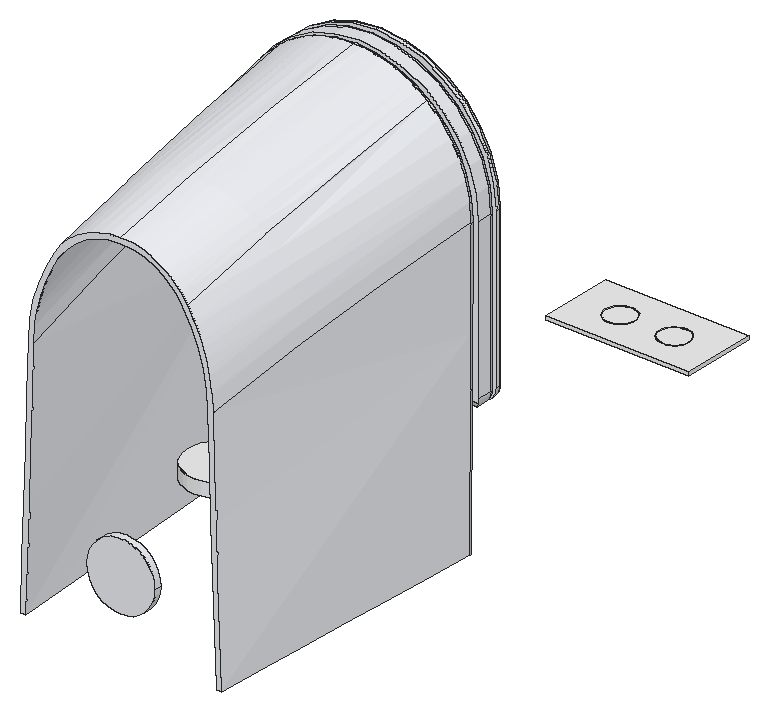
Revit family "WC-Wall Faced-Caroma Liano Easy Height Invisi Suite1", category Plumbing Fixtures, host Face, Revit 2012
Parameters (values of type "Liano")
  Waste Connection = yes
  WFU = 3
  WELSRating_ANZRS = "4"
  Material_ANZRS = Porcelain-White-Caroma
  Keynote = "WC"
  Hardware = Metal-Chrome-Caroma
  Vent Connection = no
  URL = "www.caroma.com.au"
  Type Comments = "Liano Easy Height 4.5/3 Smartflush Toilet Suite with Back Inlet Pan, Internal Overflow Cistern and Seat"  # constant formula
  Model = ""
  Manufacturer = "Caroma"  # constant formula
  HW Connection = no
  Description = "Liano Easy Height Vitreous China Wall Faced Pan and Invisi II Smartflush Cistern"  # constant formula
  Default Elevation = 0 mm
  CreatedBy_ANZRS = "Design Content"  # constant formula
  CreatedByURL_ANZRS = "www.designcontent.com.au"
  CWFU = 2
  CW Connection = yes
  Assembly Code = "D2010110"
Reference planes
  plane 1 "Center (Elevation)": y = 0
  plane 2 "Back": z = 0
  plane 3 "Center (Left/Right)": x = 0
  plane 4 "Left": x = -177.5
  plane 5 "Right": x = 177.5
  plane 6 "Top": y = 512.5
  plane 7 "Bottom": y = -512.5
  plane 8: y = 402.5
  plane 9: x = -105
  plane 10: x = 105
  plane 11: y = 457.5
  plane 12: y = -327.5
  plane 13: z = -90
  plane 14 "Seat": y = -77.5
  plane 15: z = 100
  plane 16 "Front": z = 616.577
  plane 17: y = -118.5
  plane 18: z = 150
Forms (mm)
  Extrusion 1, solid, material "Metal-Chrome-Caroma" <- "Hardware", detail levels medium+fine
    sketch origin (0, 0, 0) x (1, 0, 0) y (0, 1, 0)
      loop
        line (-105, 512.5) -> (-105, 402.5) -> (105, 402.5) -> (105, 512.5) -> (-105, 512.5)
      loop
        circle (-40, 457.5) r 22.5
      loop
        circle (40, 457.5) r 22.5
    from 0 to 5
  Extrusion 2, solid, material "Metal-Chrome-Caroma" <- "Hardware", detail levels medium+fine
    sketch origin (0, 106.904, 0) x (1, 0, 0) y (0, 1, 0)
      loop
        circle (-40, 350.596) r 21
      loop
        circle (40, 350.596) r 21
    from 0 to 5
  Extrusion 3, void
    sketch origin (0, 24, 0) x (1, 0, 0) y (0, 1, 0)
      loop
        circle (0, -142.5) r 25
    from -90 to 0
  Extrusion 4, solid, material "Metal-Chrome-Caroma" <- "Hardware"
    sketch origin (0, 0, 0) x (1, 0, 0) y (0, 1, 0)
      loop
        circle (0, -327.5) r 50
    from 150 to 170
  Extrusion 5, solid, material "Metal-Chrome-Caroma" <- "Hardware"
    sketch origin (-285, 24, 0) x (1, 0, 0) y (0, 1, 0)
      loop
        circle (285, -142.5) r 20
    from 0 to 20
  Extrusion 6, solid, material "Porcelain-White-Caroma"
    sketch origin (0, -512.5, 0) x (-1, 0, 0) y (0, 0, -1)
      loop
        circle (0, -100) r 50
    from 0 to -10
  Extrusion 7, void
    sketch origin (0, -512.5, 0) x (-1, 0, 0) y (0, 0, -1)
      loop
        circle (0, -100) r 50
    from 0 to 200
  SweptBlend 8, solid, material "Porcelain-White-Caroma" <- "Material_ANZRS"
    path origin (0, 0, 0) x (0, 1, 0) y (0, 0, 1)
      loop
        arc (-82.146, 615.501) -> (-382.421, 574.644) -> (-678.955, 512.179) r 4187.755
    profile origin (0, -82.146, 615.501) x (0, 0.098884, -0.995099) y (1, 0, 0)
      loop
        line (643.26, -174.867) -> (643.26, -166.867) -> (174.51, -166.867)
        arc (174.51, -166.867) -> (101.607, -150.1) -> (43.356, -103.167) r 166.867
        arc (43.356, -103.167) -> (16.823, -54.587) -> (7.642, 0) r 166.867
        arc (7.642, 0) -> (16.823, 54.587) -> (43.356, 103.167) r 166.867
        arc (43.356, 103.167) -> (101.607, 150.1) -> (174.51, 166.867) r 166.867
        line (174.51, 166.867) -> (643.26, 166.867) -> (643.26, 174.867) -> (174.51, 174.867)
        arc (174.51, 174.867) -> (98.112, 157.296) -> (37.068, 108.113) r 174.867
        arc (37.068, 108.113) -> (9.263, 57.204) -> (-0.358, 0) r 174.867
        arc (-0.358, 0) -> (9.263, -57.204) -> (37.068, -108.113) r 174.867
        arc (37.068, -108.113) -> (98.112, -157.296) -> (174.51, -174.867) r 174.867
        line (174.51, -174.867) -> (643.26, -174.867)
    end profile origin (0, -678.955, 512.179) x (0, 0.241397, -0.970426) y (1, 0, 0)
      loop
        line (543.763, -147.349) -> (544.237, -139.364) -> (184.383, -117.999)
        arc (184.383, -117.999) -> (123.846, -108.428) -> (66.311, -87.31) r 314.825
        arc (66.311, -87.31) -> (26.324, -51.55) -> (11.479, 0) r 96.929
        arc (11.479, 0) -> (26.324, 51.55) -> (66.311, 87.31) r 96.929
        arc (66.311, 87.31) -> (123.846, 108.428) -> (184.383, 117.999) r 314.825
        line (184.383, 117.999) -> (544.237, 139.364) -> (543.763, 147.349) -> (183.909, 125.985)
        arc (183.909, 125.985) -> (121.834, 116.171) -> (62.837, 94.516) r 322.825
        arc (62.837, 94.516) -> (19.549, 55.805) -> (3.479, 0) r 104.929
        arc (3.479, 0) -> (19.549, -55.805) -> (62.837, -94.516) r 104.929
        arc (62.837, -94.516) -> (121.834, -116.171) -> (183.909, -125.985) r 322.825
        line (183.909, -125.985) -> (543.763, -147.349)
  Extrusion 9, void
    sketch origin (0, 0, 0) x (0, 1, 0) y (0, 0, 1)
      loop
        line (-512.5, 616.577) -> (-737.5, 616.577) -> (-737.5, -90) -> (102.5, -90) -> (102.5, 660) -> (-83.5, 660) -> (-83.5, 0) -> (-512.5, 0) -> (-512.5, 616.577)
    from -250 to 250
  Sweep 10, solid, material "Porcelain-White-Caroma" <- "Material_ANZRS"
    path origin (0, -77.5, 0) x (-1, 0, 0) y (0, 0, 1)
      loop
        arc (-173.255, 439.649) -> (-157.693, 513.735) -> (-112.318, 574.333) r 175.136
        arc (-112.318, 574.333) -> (-59.858, 605.064) -> (0, 615.712) r 172.718
        arc (0, 615.712) -> (59.858, 605.064) -> (112.318, 574.333) r 172.718
        arc (112.318, 574.333) -> (157.693, 513.735) -> (173.255, 439.649) r 175.136
    profile origin (0, -77.5, 615.712) x (-0.000867, 0, 1) y (0, 1, 0)
      loop
        arc (0.005, -6) -> (-1.752, -1.757) -> (-5.995, 0) r 6
        line (-5.995, 0) -> (-9.995, 0) -> (-9.995, -6) -> (0.005, -6)
  Sweep 11, solid, material "Porcelain-White-Caroma" <- "Material_ANZRS"
    path origin (0, -77.5, 0) x (-1, 0, 0) y (0, 0, 1)
      loop
        spline (-171.45, 0) -> (-171.488, 36.624) -> (-171.548, 73.256) -> (-171.631, 109.893) -> (-171.736, 146.533) -> (-171.863, 183.173) -> (-172.011, 219.812) -> (-172.178, 256.452) -> (-172.365, 293.092) -> (-172.57, 329.731) -> (-172.793, 366.371) -> (-173.033, 403.01) -> (-173.291, 439.649)
    profile origin (173.291, -77.5, 439.649) x (0.999974, 0, -0.007262) y (0, 1, 0)
      loop
        arc (0.005, -6) -> (-1.752, -1.757) -> (-5.995, 0) r 6
        line (-5.995, 0) -> (-9.995, 0) -> (-9.995, -6) -> (0.005, -6)
  Sweep 12, solid, material "Porcelain-White-Caroma" <- "Material_ANZRS"
    path origin (0, -77.5, 0) x (1, 0, 0) y (0, 0, 1)
      loop
        spline (-171.45, 0) -> (-171.488, 36.624) -> (-171.548, 73.256) -> (-171.631, 109.893) -> (-171.736, 146.533) -> (-171.863, 183.173) -> (-172.011, 219.812) -> (-172.178, 256.452) -> (-172.365, 293.092) -> (-172.57, 329.731) -> (-172.793, 366.371) -> (-173.033, 403.01) -> (-173.291, 439.649)
    profile origin (-173.291, -77.5, 439.649) x (0.999974, 0, 0.007262) y (0, 1, 0)
      loop
        line (-0.005, -6) -> (9.995, -6) -> (9.995, 0) -> (5.995, 0)
        arc (5.995, 0) -> (1.752, -1.757) -> (-0.005, -6) r 6
  Extrusion 13, solid, material "Porcelain-White-Caroma" <- "Material_ANZRS"
    sketch origin (0, -77.5, 0) x (-1, 0, 0) y (0, 0, 1)
      loop
        spline (-163.26, 439.757) -> (-163.006, 403.111) -> (-162.768, 366.464) -> (-162.548, 329.818) -> (-162.346, 293.171) -> (-162.162, 256.523) -> (-161.998, 219.873) -> (-161.854, 183.223) -> (-161.73, 146.573) -> (-161.628, 109.925) -> (-161.548, 73.28) -> (-161.49, 36.64) -> (-161.456, 0.007)
        line (-161.456, 0.007) -> (161.456, 0.007)
        spline (161.456, 0.007) -> (161.49, 36.64) -> (161.548, 73.28) -> (161.628, 109.925) -> (161.73, 146.573) -> (161.854, 183.223) -> (161.998, 219.873) -> (162.162, 256.523) -> (162.346, 293.171) -> (162.548, 329.818) -> (162.768, 366.464) -> (163.006, 403.111) -> (163.26, 439.757)
        arc (163.26, 439.757) -> (148.59, 509.608) -> (105.814, 566.744) r 165.141
        arc (105.814, 566.744) -> (56.391, 595.69) -> (0, 605.718) r 162.723
        arc (0, 605.718) -> (-56.391, 595.689) -> (-105.814, 566.744) r 162.723
        arc (-105.814, 566.744) -> (-148.59, 509.608) -> (-163.26, 439.757) r 165.141
    from -8 to 0
  Sweep 14, solid, material "Porcelain-White-Caroma" <- "Material_ANZRS"
    path origin (0, -77.5, 0) x (-1, 0, 0) y (0, 0, 1)
      loop
        line (177.5, 204.06) -> (177.5, 438.525)
        arc (177.5, 438.525) -> (0, 616.025) -> (-177.5, 438.525) r 177.5
        line (-177.5, 438.525) -> (-177.5, 204.06)
        arc (-177.5, 204.06) -> (-171.642, 189.918) -> (-157.5, 184.06) r 20
        line (-157.5, 184.06) -> (157.5, 184.06)
        arc (157.5, 184.06) -> (171.642, 189.918) -> (177.5, 204.06) r 20
    profile origin (0, -77.5, 616.025) x (0, 0, 1) y (0, 1, 0)
      loop
        line (0, 3.162) -> (-0.583, 25.43)
        arc (-0.583, 25.43) -> (-2.092, 28.88) -> (-5.581, 30.299) r 5
        line (-5.581, 30.299) -> (-15, 30.299) -> (-15, 3.162) -> (0, 3.162)
  Sweep 15, solid, material "Porcelain-White-Caroma" <- "Material_ANZRS"
    path origin (0, -77.5, 0) x (-1, 0, 0) y (0, 0, 1)
      loop
        line (177, 204.06) -> (177, 438.314)
        arc (177, 438.314) -> (0, 615.314) -> (-177, 438.314) r 177
        line (-177, 438.314) -> (-177, 204.06)
        arc (-177, 204.06) -> (-171.142, 189.918) -> (-157, 184.06) r 20
        line (-157, 184.06) -> (157, 184.06)
        arc (157, 184.06) -> (171.142, 189.918) -> (177, 204.06) r 20
    profile origin (0, -77.5, 615.314) x (0, 0, 1) y (0, 1, 0)
      loop
        line (0, 35.812) -> (-0.302, 41.574)
        arc (-0.302, 41.574) -> (-1.853, 44.939) -> (-5.295, 46.312) r 5
        line (-5.295, 46.312) -> (-15, 46.312) -> (-15, 35.812) -> (0, 35.812)
  Extrusion 16, solid, material "Porcelain-White-Caroma" <- "Material_ANZRS"
    sketch origin (0, -77.5, 0) x (-1, 0, 0) y (0, 0, 1)
      loop
        line (-162, 438.314) -> (-162, 204.06)
        arc (-162, 204.06) -> (-160.536, 200.524) -> (-157, 199.06) r 5
        line (-157, 199.06) -> (157, 199.06)
        arc (157, 199.06) -> (160.536, 200.524) -> (162, 204.06) r 5
        line (162, 204.06) -> (162, 438.314)
        arc (162, 438.314) -> (0, 600.314) -> (-162, 438.314) r 162
    from 35.812 to 46.312
  Extrusion 17, solid, material "Porcelain-White-Caroma" <- "Material_ANZRS"
    sketch origin (0, 0, 0) x (0, 1, 0) y (0, 0, 1)
      loop
        circle (-54.164, 189.32) r 14.5
      loop
        circle (-54.164, 189.32) r 7.5
    from -119.55 to -105
  Extrusion 18, solid, material "Porcelain-White-Caroma" <- "Material_ANZRS"
    sketch origin (0, 0, 0) x (0, 1, 0) y (0, 0, 1)
      loop
        circle (-54.164, 189.32) r 14.5
      loop
        circle (-54.164, 189.32) r 7.5
    from -134.98 to -119.895
  Revolve 19, solid, material "Porcelain-White-Caroma" <- "Material_ANZRS"
    sketch origin (0, -54.164, 0) x (-1, 0, 0) y (0, 0, 1)
      loop
        arc (134.98, 174.82) -> (142.021, 177.737) -> (144.938, 184.779) r 9.959
        line (144.938, 184.779) -> (144.938, 189.32) -> (134.98, 189.32) -> (134.98, 174.82)
      axis (134.98, 189.32) -> (144.938, 189.32)
    angle from 0 to 360
  Extrusion 20, solid, material "Porcelain-White-Caroma" <- "Material_ANZRS"
    sketch origin (0, 0, 0) x (0, 1, 0) y (0, 0, -1)
      loop
        circle (-54.164, -189.32) r 14.5
      loop
        circle (-54.164, -189.32) r 7.5
    from -119.55 to -105
  Extrusion 21, solid, material "Porcelain-White-Caroma" <- "Material_ANZRS"
    sketch origin (0, 0, 0) x (0, 1, 0) y (0, 0, -1)
      loop
        circle (-54.164, -189.32) r 14.5
      loop
        circle (-54.164, -189.32) r 7.5
    from -134.98 to -119.895
  Revolve 22, solid, material "Porcelain-White-Caroma" <- "Material_ANZRS"
    sketch origin (0, -54.164, 0) x (1, 0, 0) y (0, 0, -1)
      loop
        line (134.98, -174.82) -> (134.98, -189.32) -> (144.938, -189.32) -> (144.938, -184.779)
        arc (144.938, -184.779) -> (142.021, -177.737) -> (134.98, -174.82) r 9.959
      axis (134.98, -189.32) -> (144.938, -189.32)
    angle from 0 to 360
  Extrusion 23, void
    sketch origin (0, 0, 0) x (0, 1, 0) y (0, 0, 1)
      loop
        arc (-55.707, 183.925) -> (-69.55, 189.659) -> (-75.284, 203.501) r 19.577
        line (-75.284, 203.501) -> (-77.5, 203.501) -> (-77.5, 177.458) -> (-30.707, 177.458) -> (-30.707, 183.925) -> (-55.707, 183.925)
    from -250 to 250
Cuts and joins
  Extrusion 9 cuts SweptBlend 8
  joined: Sweep 15, Extrusion 16
  Extrusion 23 cuts Sweep 14
  joined: Sweep 14, Extrusion 17, Extrusion 18, Revolve 19, Extrusion 20, Extrusion 21, Revolve 22
Lines and regions (mm)
  Masking region 1
    outline origin (0, 0, 0) x (0, 1, 0) y (0, 0, 1)
      loop
        line (512.5, 5) -> (402.5, 5) -> (402.5, 0) -> (512.5, 0) -> (512.5, 5)
      loop
        line (-512.5, 0.007) -> (-77.5, 0.007) -> (-77.5, 265.636) -> (-74.831, 264.92) -> (-74.831, 202.632)
        arc (-74.831, 202.632) -> (-74.708, 200.248) -> (-73.925, 197.993) r 8.477
        arc (-73.925, 197.993) -> (-72.115, 194.792) -> (-70.06, 191.744) r 46.766
        arc (-70.06, 191.744) -> (-68.992, 189.727) -> (-68.547, 187.488) r 7.867
        arc (-68.547, 187.488) -> (-67.145, 182.414) -> (-63.721, 178.416) r 12.099
        arc (-63.721, 178.416) -> (-53.867, 175.247) -> (-44.156, 178.828) r 15.871
        arc (-44.156, 178.828) -> (-42.809, 180.185) -> (-41.772, 181.791) r 9.212
        arc (-41.772, 181.791) -> (-40.305, 183.424) -> (-38.217, 184.103) r 4.235
        line (-38.217, 184.103) -> (-34.028, 184.323)
        arc (-34.028, 184.323) -> (-32.02, 185.062) -> (-31.176, 187.028) r 2.709
        line (-31.176, 187.028) -> (-31.176, 453.537) -> (-31.372, 514.847) -> (-34.051, 612.669)
        arc (-34.051, 612.669) -> (-34.779, 614.308) -> (-36.417, 615.038) r 2.5
        line (-36.417, 615.038) -> (-41.688, 615.314) -> (-41.688, 484.125) -> (-47.194, 481.978) -> (-47.194, 610.093)
        arc (-47.194, 610.093) -> (-48.487, 613.805) -> (-52.062, 615.442) r 5.011
        line (-52.062, 615.442) -> (-74.338, 616.025) -> (-74.338, 601.026) -> (-77.5, 601.026) -> (-77.5, 610.514)
        arc (-77.5, 610.514) -> (-79.369, 614.418) -> (-83.5, 615.712) r 5.425
        arc (-83.5, 615.712) -> (-298.743, 587.705) -> (-512.5, 550) r 4802.796
        line (-512.5, 550) -> (-512.5, 0.007)
      loop
        line (-41.688, 205.224) -> (-41.688, 464.315) -> (-47.201, 466.886) -> (-47.201, 210.582)
        arc (-47.201, 210.582) -> (-46.929, 206.487) -> (-46.117, 202.463) r 30.954
        line (-46.117, 202.463) -> (-41.688, 205.224)
  Masking region 2
    outline origin (0, 0, 0) x (1, 0, 0) y (0, 1, 0)
      loop
        line (-105, 512.5) -> (-105, 402.5) -> (105, 402.5) -> (105, 512.5) -> (-105, 512.5)
  Masking region 3
    outline origin (0, -77.5, 0) x (-1, 0, 0) y (0, 0, 1)
      loop
        line (-174.959, 0) -> (174.959, 0) -> (174.959, 194.218)
        arc (174.959, 194.218) -> (177.006, 199.083) -> (177.704, 204.314) r 19.937
        line (177.704, 204.314) -> (177.704, 438.556)
        arc (177.704, 438.556) -> (0, 616.26) -> (-177.704, 438.556) r 177.704
        line (-177.704, 438.556) -> (-177.704, 204.314)
        arc (-177.704, 204.314) -> (-177.006, 199.083) -> (-174.959, 194.218) r 19.937
        line (-174.959, 194.218) -> (-174.959, 0)
  Masking region 4
    outline origin (0, 0, 0) x (1, 0, 0) y (0, 1, 0)
      loop
        line (-147, -512.5) -> (147, -512.5) -> (161.012, -297.5)
        arc (161.012, -297.5) -> (169.245, -190.576) -> (175.184, -83.5) r 5002.758
        arc (175.184, -83.5) -> (173.541, -79.215) -> (169.284, -77.5) r 5.746
        line (169.284, -77.5) -> (151.611, -77.5) -> (151.611, -74.338) -> (177.754, -74.338) -> (177.128, -52.047)
        arc (177.128, -52.047) -> (175.574, -48.564) -> (172.015, -47.191) r 4.998
        line (172.015, -47.191) -> (122.44, -47.191) -> (125.158, -41.688) -> (177, -41.688) -> (176.724, -36.415)
        arc (176.724, -36.415) -> (175.994, -34.777) -> (174.356, -34.049) r 2.5
        arc (174.356, -34.049) -> (0, -31.168) -> (-174.356, -34.049) r 5276.973
        arc (-174.356, -34.049) -> (-175.994, -34.777) -> (-176.724, -36.415) r 2.5
        line (-176.724, -36.415) -> (-177, -41.688) -> (-125.158, -41.688) -> (-122.44, -47.191) -> (-172.015, -47.191)
        arc (-172.015, -47.191) -> (-175.574, -48.564) -> (-177.128, -52.047) r 4.998
        line (-177.128, -52.047) -> (-177.754, -74.338) -> (-151.611, -74.338) -> (-151.611, -77.5) -> (-169.284, -77.5)
        arc (-169.284, -77.5) -> (-173.541, -79.215) -> (-175.184, -83.5) r 5.746
        arc (-175.184, -83.5) -> (-169.245, -190.576) -> (-161.012, -297.5) r 5002.758
        line (-161.012, -297.5) -> (-147, -512.5)
      loop
        line (-107.676, -47.201) -> (0, -47.201) -> (107.676, -47.201) -> (105.527, -41.688) -> (0, -41.688) -> (-105.527, -41.688) -> (-107.676, -47.201)
  symbolic lines
    curve 1: line (103.263, 0, 328.457) -> (103.263, 0, 443.208)
    curve 2: line (-103.259, 0, 328.204) -> (-103.263, 0, 443.204)
    curve 3: arc (103.263, 0, 443.208) -> (-0.002, 0, 546.471) -> (-103.263, 0, 443.204) r 103.263
    curve 4: spline (103.263, 0, 328.457) -> (99.752, 0, 310.36) -> (89.46, 0, 293.494) -> (73.084, 0, 279.004) -> (51.74, 0, 267.878) -> (26.878, 0, 260.87) -> (0.188, 0, 258.457) -> (-26.514, 0, 260.804) -> (-51.413, 0, 267.751) -> (-72.817, 0, 278.826) -> (-89.269, 0, 293.275) -> (-99.652, 0, 310.116) -> (-103.259, 0, 328.204)
    curve 5: arc (-19, 457.5, 0) -> (-40, 478.5, 0) -> (-61, 457.5, 0) r 21
    curve 6: arc (-61, 457.5, 0) -> (-40, 436.5, 0) -> (-19, 457.5, 0) r 21
    curve 7: arc (-17.5, 457.5, 0) -> (-40, 435, 0) -> (-62.5, 457.5, 0) r 22.5
    curve 8: arc (-62.5, 457.5, 0) -> (-40, 480, 0) -> (-17.5, 457.5, 0) r 22.5
    curve 9: arc (61, 457.5, 0) -> (40, 478.5, 0) -> (19, 457.5, 0) r 21
    curve 10: arc (19, 457.5, 0) -> (40, 436.5, 0) -> (61, 457.5, 0) r 21
    curve 11: arc (62.5, 457.5, 0) -> (40, 435, 0) -> (17.5, 457.5, 0) r 22.5
    curve 12: arc (17.5, 457.5, 0) -> (40, 480, 0) -> (62.5, 457.5, 0) r 22.5
    curve 13: line (0, -77.5, 601.026) -> (0, -77.5, 265.636)
    curve 14: line (0, -74.338, 601.025) -> (0, -74.338, 264.788)
    curve 15: line (0, -47.201, 466.886) -> (0, -47.201, 481.886)
    curve 16: line (0, -41.688, 484.125) -> (0, -41.688, 464.315)
    curve 17: line (0, -41.688, 205.224) -> (0, -41.688, 181.948)
    curve 18: line (157.768, -77.5, 184.378) -> (-157.768, -77.5, 184.378)
    curve 19: arc (-157.768, -77.5, 184.378) -> (-171.865, -77.5, 190.217) -> (-177.704, -77.5, 204.314) r 19.937
    curve 20: line (105, -77.5, 184.378) -> (105, -77.5, 174.82)
    curve 21: line (105, -77.5, 174.82) -> (135.027, -77.5, 174.82)
    curve 22: arc (135.027, -77.5, 174.82) -> (141.914, -77.5, 177.598) -> (144.947, -77.5, 184.378) r 9.926
    curve 23: arc (157.768, -77.5, 184.378) -> (171.865, -77.5, 190.217) -> (177.704, -77.5, 204.314) r 19.937
    curve 24: line (-105, -77.5, 184.378) -> (-105, -77.5, 174.82)
    curve 25: line (-105, -77.5, 174.82) -> (-135.027, -77.5, 174.82)
    curve 26: arc (-135.027, -77.5, 174.82) -> (-141.914, -77.5, 177.598) -> (-144.947, -77.5, 184.378) r 9.926
    curve 27: arc (-161.012, -297.5, 0) -> (-143.752, -405.257, 0) -> (-123.543, -512.5, 0) r 3978.746
    curve 28: arc (161.012, -297.5, 0) -> (143.752, -405.257, 0) -> (123.543, -512.5, 0) r 3978.746
    curve 29: line (-151.611, -74.338, 0) -> (151.611, -74.338, 0)
    curve 30: line (151.611, -77.5, 0) -> (-151.611, -77.5, 0)
    curve 31: line (-122.44, -47.191, 0) -> (122.44, -47.191, 0)
    curve 32: line (125.158, -41.688, 0) -> (-125.158, -41.688, 0)
Dimensions and locks
  equal spacing: plane 4 "Left", plane 3 "Center (Left/Right)", plane 5 "Right"
  plane 4 "Left" to plane 5 "Right" = 355 mm
  equal spacing: plane 7 "Bottom", plane 1 "Center (Elevation)", plane 6 "Top"
  plane 7 "Bottom" to plane 6 "Top" = 1025 mm
  plane 12 to plane 7 "Bottom" = 185 mm
  level to plane 13 = 90 mm
  plane 7 "Bottom" to plane 17 = 394 mm
  radius of Extrusion 6 sketch curve = 50 mm
  radius of Extrusion 7 sketch curve = 50 mm
  aligned and locked: plane 2 "Back" to host face
  aligned and locked: level to host face
  aligned and locked: Extrusion 1 sketch curve to plane 6 "Top"
  aligned and locked: plane 9 to Extrusion 1 sketch curve
  aligned and locked: plane 8 to Extrusion 1 sketch curve
  aligned and locked: plane 10 to Extrusion 1 sketch curve
  aligned and locked: Extrusion 3 to plane 13
  aligned and locked: level to Extrusion 3
  aligned and locked: plane 12 to Extrusion 4 sketch curve
  aligned and locked: plane 3 "Center (Left/Right)" to Extrusion 4 sketch curve
  aligned and locked: plane 3 "Center (Left/Right)" to Extrusion 5 sketch curve
  aligned and locked: Extrusion 5 to level
  aligned and locked: plane 15 to Extrusion 6 sketch curve
  aligned and locked: plane 3 "Center (Left/Right)" to Extrusion 6 sketch curve
Automatic sketch dimensions
  plane 9 to curve 3 = 1.737 mm
  plane 9 to curve 2 = 1.741 mm
  plane 3 "Center (Left/Right)" to curve 3 = 0 mm
  plane 3 "Center (Left/Right)" to curve 4 = 0.002 mm
  curve 2 to curve 4 = 0.253 mm
  curve 2 to curve 2 = 115 mm
  curve 1 to curve 1 = 114.751 mm
  host sketch curve to host sketch curve = 2438.4 mm  (x2)
  Extrusion 1 sketch curve to plane 11 = 0 mm  (x2)
  Extrusion 1 sketch curve to plane 3 "Center (Left/Right)" = 40 mm
  plane 3 "Center (Left/Right)" to Extrusion 1 sketch curve = 40 mm
  Extrusion 2 sketch curve to plane 11 = 0 mm  (x2)
  Extrusion 2 sketch curve to plane 3 "Center (Left/Right)" = 40 mm
  plane 3 "Center (Left/Right)" to Extrusion 2 sketch curve = 40 mm
  Extrusion 3 sketch curve to plane 3 "Center (Left/Right)" = 0 mm
  Masking region 2 sketch curve to plane 8 = 0 mm
  Masking region 2 sketch curve to plane 9 = 0 mm
  Masking region 2 sketch curve to plane 10 = 0 mm
  Masking region 2 sketch curve to plane 6 "Top" = 0 mm
  Extrusion 7 sketch curve to plane 3 "Center (Left/Right)" = 0 mm
  Extrusion 7 sketch curve to plane 15 = 0 mm
  Sweep 10 sketch curve to plane 5 "Right" = 4.245 mm
  Sweep 10 sketch curve to plane 10 = 7.318 mm
  plane 3 "Center (Left/Right)" to Sweep 10 sketch curve = 1.871 mm
  plane 3 "Center (Left/Right)" to Sweep 10 sketch curve = 0.15 mm
  plane 3 "Center (Left/Right)" to Sweep 10 sketch curve = 0 mm
  Sweep 10 sketch curve to plane 3 "Center (Left/Right)" = 0.15 mm
  Sweep 10 sketch curve to plane 3 "Center (Left/Right)" = 1.871 mm
  Sweep 10 sketch curve to plane 9 = 7.318 mm
  Sweep 10 sketch curve to plane 4 "Left" = 4.245 mm
  plane 16 "Front" to Sweep 10 sketch curve = 176.928 mm  (x2)
  Sweep 10 sketch curve to Sweep 10 sketch curve = 1.892 mm
  Sweep 10 sketch curve to Sweep 10 sketch curve = 0 mm
  Sweep 10 sketch curve to Sweep 10 sketch curve = 1.453 mm
  Sweep 10 sketch curve to plane 14 "Seat" = 0 mm
  profile plane to Sweep 10 sketch curve = 9.995 mm
  Sweep 10 sketch curve to Sweep 10 sketch curve = 4 mm
  Sweep 10 sketch curve to profile plane = 0.005 mm
  Sweep 14 sketch curve to plane 5 "Right" = 0 mm
  Sweep 14 sketch curve to plane 3 "Center (Left/Right)" = 0 mm
  Sweep 14 sketch curve to plane 5 "Right" = 20 mm
  Sweep 14 sketch curve to plane 4 "Left" = 20 mm
  plane 16 "Front" to Sweep 14 sketch curve = 178.052 mm
  profile plane to Sweep 14 sketch curve = 0 mm
  profile plane to Sweep 14 sketch curve = 0.583 mm
  Sweep 14 sketch curve to Sweep 14 sketch curve = 4.998 mm
  Sweep 14 sketch curve to Sweep 14 sketch curve = 9.419 mm
  plane 14 "Seat" to Sweep 14 sketch curve = 3.162 mm
  Sweep 14 sketch curve to Sweep 14 sketch curve = 22.136 mm
  Sweep 14 sketch curve to Sweep 14 sketch curve = 0.131 mm
  Sweep 15 sketch curve to plane 3 "Center (Left/Right)" = 0 mm
  Sweep 15 sketch curve to plane 5 "Right" = 20.5 mm
  Sweep 15 sketch curve to plane 5 "Right" = 0.5 mm
  Sweep 15 sketch curve to plane 4 "Left" = 20.5 mm
  plane 16 "Front" to Sweep 15 sketch curve = 178.263 mm
  profile plane to Sweep 15 sketch curve = 0 mm
  profile plane to Sweep 15 sketch curve = 0.302 mm
  Sweep 15 sketch curve to Sweep 15 sketch curve = 4.993 mm
  Sweep 15 sketch curve to Sweep 15 sketch curve = 9.705 mm
  plane 14 "Seat" to Sweep 15 sketch curve = 35.812 mm
  Sweep 15 sketch curve to Sweep 15 sketch curve = 5.5 mm
  Sweep 15 sketch curve to Sweep 15 sketch curve = 0.262 mm
  Extrusion 16 sketch curve to plane 3 "Center (Left/Right)" = 0 mm
  Extrusion 16 sketch curve to plane 5 "Right" = 20.5 mm
  Extrusion 16 sketch curve to plane 5 "Right" = 15.5 mm
  Extrusion 16 sketch curve to Extrusion 16 sketch curve = 5 mm
  plane 16 "Front" to Extrusion 16 sketch curve = 178.263 mm
  Extrusion 17 sketch curve to Extrusion 17 sketch curve = 0 mm  (x3)
  plane 14 "Seat" to Extrusion 17 sketch curve = 23.336 mm
  Extrusion 18 sketch curve to Extrusion 18 sketch curve = 0 mm  (x3)
  plane 14 "Seat" to Extrusion 18 sketch curve = 23.336 mm
  Revolve 19 sketch curve to plane 9 = 29.98 mm
  Revolve 19 sketch curve to Revolve 19 sketch curve = 0 mm  (x3)
  Revolve 19 sketch curve to Revolve 19 sketch curve = 9.959 mm
  Revolve 19 sketch curve to Revolve 19 sketch curve = 4.541 mm
  Extrusion 20 sketch curve to Extrusion 20 sketch curve = 0 mm  (x3)
  plane 14 "Seat" to Extrusion 20 sketch curve = 23.336 mm
  Extrusion 21 sketch curve to Extrusion 21 sketch curve = 0 mm  (x3)
  plane 14 "Seat" to Extrusion 21 sketch curve = 23.336 mm
  Revolve 22 sketch curve to plane 10 = 29.98 mm
  Revolve 22 sketch curve to Revolve 22 sketch curve = 0 mm  (x3)
  Revolve 22 sketch curve to Revolve 22 sketch curve = 9.959 mm
  Revolve 22 sketch curve to Revolve 22 sketch curve = 4.541 mm
  Extrusion 23 sketch curve to plane 14 "Seat" = 0 mm
  plane 14 "Seat" to Extrusion 23 sketch curve = 2.216 mm
  Extrusion 23 sketch curve to Extrusion 23 sketch curve = 19.577 mm
  Extrusion 23 sketch curve to Extrusion 23 sketch curve = 25 mm
  Extrusion 23 sketch curve to Extrusion 23 sketch curve = 6.466 mm
  curve 13 to plane 14 "Seat" = 0 mm
  plane 14 "Seat" to curve 14 = 3.162 mm
  plane 14 "Seat" to curve 15 = 30.299 mm
  curve 15 to curve 16 = 5.513 mm
  plane 14 "Seat" to curve 17 = 35.812 mm
  curve 17 to curve 17 = 23.276 mm
  curve 17 to curve 14 = 59.565 mm
  curve 14 to curve 13 = 0.847 mm
  plane 16 "Front" to curve 16 = 152.263 mm
  curve 16 to curve 15 = 2.571 mm
  curve 15 to curve 15 = 15 mm
  curve 15 to curve 16 = 2.239 mm
  plane 16 "Front" to curve 14 = 15.552 mm
  curve 14 to curve 13 = 0.001 mm
  plane 10 to curve 21 = 0 mm
  curve 25 to plane 9 = 0 mm
  curve 22 to plane 10 = 30.027 mm
  curve 22 to curve 22 = 9.92 mm
  curve 18 to curve 22 = 12.821 mm
  plane 5 "Right" to curve 23 = 0.204 mm
  curve 26 to plane 9 = 30.027 mm
  curve 26 to curve 26 = 9.92 mm
  curve 26 to curve 19 = 12.821 mm
  plane 4 "Left" to curve 19 = 0.204 mm
  curve 25 to curve 19 = 9.557 mm
  Masking region 4 sketch curve to plane 14 "Seat" = 0 mm  (x2)
  Masking region 4 sketch curve to plane 3 "Center (Left/Right)" = 0 mm  (x3)
  plane 7 "Bottom" to Masking region 4 sketch curve = 0 mm
  Masking region 4 sketch curve to plane 9 = 0.527 mm
  Masking region 4 sketch curve to plane 9 = 2.676 mm
  Masking region 4 sketch curve to Masking region 4 sketch curve = 14.765 mm  (x2)
  Masking region 4 sketch curve to Masking region 4 sketch curve = 2.718 mm  (x2)
  Masking region 4 sketch curve to plane 4 "Left" = 30.5 mm
  plane 14 "Seat" to Masking region 4 sketch curve = 3.162 mm  (x2)
  Masking region 4 sketch curve to plane 4 "Left" = 25.889 mm
  Masking region 4 sketch curve to plane 4 "Left" = 16.488 mm
  Masking region 4 sketch curve to plane 4 "Left" = 8.216 mm
  Masking region 4 sketch curve to Masking region 4 sketch curve = 0.159 mm  (x2)
  Masking region 4 sketch curve to plane 4 "Left" = 5.485 mm
  Masking region 4 sketch curve to Masking region 4 sketch curve = 0.117 mm  (x2)
  Masking region 4 sketch curve to plane 4 "Left" = 3.273 mm
  Masking region 4 sketch curve to Masking region 4 sketch curve = 0.129 mm  (x2)
  Masking region 4 sketch curve to plane 4 "Left" = 2.316 mm
  Masking region 4 sketch curve to Masking region 4 sketch curve = 0 mm  (x2)
  Masking region 4 sketch curve to plane 4 "Left" = 0.776 mm
  Masking region 4 sketch curve to plane 4 "Left" = 0.5 mm
  Masking region 4 sketch curve to plane 4 "Left" = 0.372 mm
  plane 4 "Left" to Masking region 4 sketch curve = 0.254 mm
  Masking region 4 sketch curve to plane 1 "Center (Elevation)" = 139.992 mm  (x2)
  plane 4 "Left" to Masking region 4 sketch curve = 4645.079 mm
  Masking region 4 sketch curve to plane 10 = 0.527 mm
  Masking region 4 sketch curve to plane 10 = 2.676 mm
  Masking region 4 sketch curve to plane 5 "Right" = 30.5 mm
  Masking region 4 sketch curve to plane 5 "Right" = 25.889 mm
  Masking region 4 sketch curve to plane 5 "Right" = 16.488 mm
  Masking region 4 sketch curve to plane 5 "Right" = 8.216 mm
  Masking region 4 sketch curve to plane 5 "Right" = 5.485 mm
  Masking region 4 sketch curve to plane 5 "Right" = 3.273 mm
  Masking region 4 sketch curve to plane 5 "Right" = 2.316 mm
  Masking region 4 sketch curve to plane 5 "Right" = 0.776 mm
  Masking region 4 sketch curve to plane 5 "Right" = 0.5 mm
  Masking region 4 sketch curve to plane 5 "Right" = 0.372 mm
  plane 5 "Right" to Masking region 4 sketch curve = 0.254 mm
  plane 5 "Right" to Masking region 4 sketch curve = 4645.079 mm
  plane 7 "Bottom" to Masking region 4 sketch curve = 4795.641 mm
  Masking region 4 sketch curve to Masking region 4 sketch curve = 22.15 mm  (x2)
  Masking region 4 sketch curve to Masking region 4 sketch curve = 0.14 mm  (x2)
  Masking region 4 sketch curve to Masking region 4 sketch curve = 0.01 mm
  Masking region 4 sketch curve to Masking region 4 sketch curve = 5.513 mm
  Masking region 4 sketch curve to Masking region 4 sketch curve = 5.504 mm  (x2)
  Masking region 4 sketch curve to Masking region 4 sketch curve = 5.142 mm  (x2)
  Masking region 4 sketch curve to Masking region 4 sketch curve = 0.131 mm
  Masking region 1 sketch curve to plane 7 "Bottom" = 0 mm
  Masking region 1 sketch curve to plane 14 "Seat" = 0 mm  (x2)
  Masking region 1 sketch curve to plane 8 = 0 mm
  Masking region 1 sketch curve to level = 0 mm
  Masking region 1 sketch curve to plane 6 "Top" = 0 mm
  plane 16 "Front" to Masking region 1 sketch curve = 0.865 mm
  Masking region 1 sketch curve to plane 14 "Seat" = 6 mm
  Masking region 1 sketch curve to Masking region 1 sketch curve = 0 mm  (x7)
  Masking region 1 sketch curve to Masking region 1 sketch curve = 5.422 mm
  plane 14 "Seat" to Masking region 1 sketch curve = 1.095 mm
  plane 14 "Seat" to Masking region 1 sketch curve = 2.669 mm
  plane 14 "Seat" to Masking region 1 sketch curve = 3.162 mm
  plane 14 "Seat" to Masking region 1 sketch curve = 3.575 mm
  Masking region 1 sketch curve to Masking region 1 sketch curve = 3.865 mm
  Masking region 1 sketch curve to Masking region 1 sketch curve = 1.512 mm
  Masking region 1 sketch curve to Masking region 1 sketch curve = 8.443 mm
  Masking region 1 sketch curve to Masking region 1 sketch curve = 4.826 mm
  Masking region 1 sketch curve to Masking region 1 sketch curve = 12.083 mm
  Masking region 1 sketch curve to Masking region 1 sketch curve = 2.263 mm
  plane 16 "Front" to Masking region 1 sketch curve = 6.145 mm
  Masking region 1 sketch curve to Masking region 1 sketch curve = 22.144 mm
  plane 16 "Front" to Masking region 1 sketch curve = 1.135 mm
  Masking region 1 sketch curve to Masking region 1 sketch curve = 0.131 mm  (x2)
  Masking region 1 sketch curve to Masking region 1 sketch curve = 4.215 mm
  plane 14 "Seat" to Masking region 1 sketch curve = 30.299 mm
  Masking region 1 sketch curve to Masking region 1 sketch curve = 0.008 mm
  Masking region 1 sketch curve to Masking region 1 sketch curve = 1.084 mm
  Masking region 1 sketch curve to Masking region 1 sketch curve = 5.831 mm
  Masking region 1 sketch curve to Masking region 1 sketch curve = 2.384 mm
  Masking region 1 sketch curve to Masking region 1 sketch curve = 5.513 mm
  plane 16 "Front" to Masking region 1 sketch curve = 1.263 mm
  Masking region 1 sketch curve to Masking region 1 sketch curve = 5.506 mm
  Masking region 1 sketch curve to Masking region 1 sketch curve = 3.554 mm
  Masking region 1 sketch curve to Masking region 1 sketch curve = 0.222 mm
  Masking region 1 sketch curve to Masking region 1 sketch curve = 5.14 mm
  plane 16 "Front" to Masking region 1 sketch curve = 1.539 mm
  Masking region 1 sketch curve to Masking region 1 sketch curve = 2.497 mm  (x2)
  Masking region 1 sketch curve to Masking region 1 sketch curve = 4.19 mm
  Masking region 1 sketch curve to Masking region 1 sketch curve = 0.143 mm
  Masking region 1 sketch curve to Masking region 1 sketch curve = 9.345 mm
  plane 1 "Center (Elevation)" to Masking region 1 sketch curve = 31.372 mm
  Masking region 1 sketch curve to Masking region 1 sketch curve = 10.512 mm
  plane 1 "Center (Elevation)" to Masking region 1 sketch curve = 16.247 mm
  plane 8 to Masking region 1 sketch curve = 25.945 mm
  Masking region 1 sketch curve to plane 13 = 4069.721 mm
  level to Masking region 1 sketch curve = 0.007 mm
  Masking region 1 sketch curve to Masking region 1 sketch curve = 5 mm
  Masking region 1 sketch curve to Masking region 1 sketch curve = 0.412 mm
  Masking region 1 sketch curve to Masking region 1 sketch curve = 0.22 mm
  Masking region 1 sketch curve to Masking region 1 sketch curve = 11.348 mm
  Masking region 1 sketch curve to Masking region 1 sketch curve = 2.761 mm
  Masking region 1 sketch curve to Masking region 1 sketch curve = 54.338 mm
  Masking region 1 sketch curve to Masking region 1 sketch curve = 0.715 mm
  Masking region 1 sketch curve to Masking region 1 sketch curve = 156.556 mm
  Masking region 1 sketch curve to Masking region 1 sketch curve = 10.778 mm
  Masking region 1 sketch curve to Masking region 1 sketch curve = 2.571 mm
  Masking region 1 sketch curve to Masking region 1 sketch curve = 15.093 mm
  Masking region 1 sketch curve to Masking region 1 sketch curve = 2.146 mm
  Masking region 1 sketch curve to Masking region 1 sketch curve = 30.723 mm
  Masking region 1 sketch curve to Masking region 1 sketch curve = 9.488 mm
  plane 16 "Front" to Masking region 1 sketch curve = 0.552 mm
  plane 7 "Bottom" to SweptBlend 8 sketch curve = 166.455 mm
  plane 16 "Front" to SweptBlend 8 sketch curve = 1.076 mm
  SweptBlend 8 sketch curve to plane 14 "Seat" = 4.646 mm
  SweptBlend 8 sketch curve to plane 8 = 70.543 mm
  level to SweptBlend 8 sketch curve = 512.179 mm
  SweptBlend 8 sketch curve to SweptBlend 8 sketch curve = 0 mm  (x77)
  SweptBlend 8 sketch curve to plane 3 "Center (Left/Right)" = 0 mm  (x2)
  profile plane to SweptBlend 8 sketch curve = 0.358 mm
  SweptBlend 8 sketch curve to profile plane = 7.642 mm
  SweptBlend 8 sketch curve to profile plane = 37.068 mm  (x2)
  SweptBlend 8 sketch curve to SweptBlend 8 sketch curve = 6.288 mm  (x2)
  SweptBlend 8 sketch curve to SweptBlend 8 sketch curve = 131.154 mm
  SweptBlend 8 sketch curve to SweptBlend 8 sketch curve = 468.75 mm
  SweptBlend 8 sketch curve to profile plane = 3.479 mm
  SweptBlend 8 sketch curve to SweptBlend 8 sketch curve = 8 mm
  SweptBlend 8 sketch curve to profile plane = 62.837 mm  (x2)
  SweptBlend 8 sketch curve to plane 3 "Center (Left/Right)" = 94.516 mm
  SweptBlend 8 sketch curve to SweptBlend 8 sketch curve = 117.598 mm  (x2)
  SweptBlend 8 sketch curve to SweptBlend 8 sketch curve = 0.474 mm  (x3)
  SweptBlend 8 sketch curve to SweptBlend 8 sketch curve = 19.133 mm  (x2)
  plane 3 "Center (Left/Right)" to SweptBlend 8 sketch curve = 147.349 mm
  SweptBlend 8 sketch curve to SweptBlend 8 sketch curve = 340.721 mm
  SweptBlend 8 sketch curve to plane 3 "Center (Left/Right)" = 147.349 mm
  Extrusion 9 sketch curve to plane 13 = 0 mm
  plane 16 "Front" to Extrusion 9 sketch curve = 0 mm
  Extrusion 9 sketch curve to level = 0 mm
  Extrusion 9 sketch curve to plane 7 "Bottom" = 0 mm
  plane 7 "Bottom" to Extrusion 9 sketch curve = 225 mm
  Extrusion 9 sketch curve to plane 14 "Seat" = 6 mm
  Extrusion 9 sketch curve to plane 1 "Center (Elevation)" = 102.5 mm
  Extrusion 9 sketch curve to plane 16 "Front" = 43.423 mm
  Sweep 11 sketch curve to level = 0 mm
  Sweep 11 sketch curve to plane 5 "Right" = 4.209 mm
  Sweep 11 sketch curve to plane 5 "Right" = 6.05 mm
  plane 16 "Front" to Sweep 11 sketch curve = 176.928 mm
  Sweep 11 sketch curve to plane 14 "Seat" = 0 mm
  profile plane to Sweep 11 sketch curve = 9.995 mm
  Sweep 11 sketch curve to Sweep 11 sketch curve = 4 mm
  Sweep 11 sketch curve to profile plane = 0.005 mm
  Sweep 12 sketch curve to level = 0 mm
  plane 4 "Left" to Sweep 12 sketch curve = 4.209 mm
  plane 4 "Left" to Sweep 12 sketch curve = 6.05 mm
  Sweep 12 sketch curve to plane 16 "Front" = 176.928 mm
  Sweep 12 sketch curve to plane 14 "Seat" = 0 mm
  profile plane to Sweep 12 sketch curve = 0.005 mm
  Sweep 12 sketch curve to profile plane = 5.995 mm
  Sweep 12 sketch curve to Sweep 12 sketch curve = 4 mm
  Extrusion 13 sketch curve to plane 5 "Right" = 14.24 mm
  level to Extrusion 13 sketch curve = 0.007 mm
  Extrusion 13 sketch curve to plane 5 "Right" = 16.044 mm
  Extrusion 13 sketch curve to plane 10 = 0.814 mm
  plane 3 "Center (Left/Right)" to Extrusion 13 sketch curve = 1.871 mm
  plane 3 "Center (Left/Right)" to Extrusion 13 sketch curve = 0.15 mm
  plane 3 "Center (Left/Right)" to Extrusion 13 sketch curve = 0 mm
  Extrusion 13 sketch curve to plane 3 "Center (Left/Right)" = 0.15 mm
  Extrusion 13 sketch curve to plane 3 "Center (Left/Right)" = 1.871 mm
  Extrusion 13 sketch curve to plane 9 = 0.814 mm
  Extrusion 13 sketch curve to plane 4 "Left" = 16.044 mm
  Extrusion 13 sketch curve to plane 4 "Left" = 14.24 mm
  plane 16 "Front" to Extrusion 13 sketch curve = 176.82 mm  (x2)
  Extrusion 13 sketch curve to Extrusion 13 sketch curve = 1.784 mm
  Extrusion 13 sketch curve to Extrusion 13 sketch curve = 0 mm
  Extrusion 13 sketch curve to Extrusion 13 sketch curve = 1.453 mm
  Masking region 3 sketch curve to level = 0 mm
  Masking region 3 sketch curve to plane 3 "Center (Left/Right)" = 0 mm
  Masking region 3 sketch curve to plane 5 "Right" = 19.732 mm
  Masking region 3 sketch curve to plane 5 "Right" = 2.541 mm
  plane 5 "Right" to Masking region 3 sketch curve = 0.204 mm
  Masking region 3 sketch curve to plane 4 "Left" = 19.732 mm
  Masking region 3 sketch curve to plane 4 "Left" = 2.541 mm
  plane 16 "Front" to Masking region 3 sketch curve = 178.022 mm
  curve 5 to curve 6 = 0 mm  (x2)
  curve 5 to curve 7 = 0 mm  (x2)
  curve 5 to curve 8 = 0 mm  (x2)
  curve 6 to curve 7 = 0 mm  (x2)
  curve 6 to curve 8 = 0 mm  (x2)
  curve 7 to curve 8 = 0 mm  (x2)
  curve 9 to curve 10 = 0 mm  (x2)
  curve 9 to curve 11 = 0 mm  (x2)
  curve 9 to curve 12 = 0 mm  (x2)
  curve 10 to curve 11 = 0 mm  (x2)
  curve 10 to curve 12 = 0 mm  (x2)
  curve 11 to curve 12 = 0 mm  (x2)
  curve 30 to plane 14 "Seat" = 0 mm
  plane 7 "Bottom" to curve 27 = 0 mm
  curve 7 to plane 11 = 0 mm
  curve 12 to plane 11 = 0 mm
  plane 7 "Bottom" to curve 28 = 0 mm
  curve 28 to plane 8 = 124.658 mm
  plane 4 "Left" to curve 28 = 3598.416 mm
  curve 27 to plane 4 "Left" = 16.488 mm
  plane 14 "Seat" to curve 29 = 3.162 mm
  curve 29 to plane 4 "Left" = 25.889 mm
  curve 30 to curve 29 = 0 mm
  curve 32 to plane 9 = 20.158 mm
  curve 27 to plane 3 "Center (Left/Right)" = 123.543 mm
  curve 32 to curve 31 = 2.718 mm
  plane 9 to curve 7 = 42.5 mm
  curve 7 to curve 6 = 1.5 mm
  curve 5 to curve 6 = 21 mm
  plane 3 "Center (Left/Right)" to curve 12 = 17.5 mm
  curve 11 to curve 9 = 1.5 mm
  curve 9 to curve 11 = 21 mm
  curve 31 to plane 10 = 17.44 mm
  curve 28 to plane 10 = 18.543 mm
  curve 31 to curve 32 = 2.718 mm
  curve 30 to plane 5 "Right" = 25.889 mm
  curve 29 to curve 30 = 0 mm
  curve 28 to plane 5 "Right" = 16.488 mm
  curve 27 to plane 8 = 124.658 mm
  plane 5 "Right" to curve 27 = 3598.416 mm
  plane 14 "Seat" to curve 31 = 30.309 mm
  curve 31 to curve 32 = 5.504 mm
  Extrusion 3 sketch curve to plane 17 = 0 mm
  Extrusion 5 sketch curve to plane 17 = 0 mm
  plane 18 to curve 13 = 115.636 mm
  plane 18 to curve 2 = 178.204 mm
  plane 18 to Masking region 1 sketch curve = 28.416 mm
  plane 18 to Sweep 14 sketch curve = 54.06 mm
  plane 18 to Sweep 15 sketch curve = 54.06 mm
  plane 18 to Extrusion 16 sketch curve = 54.06 mm
  plane 18 to Extrusion 17 sketch curve = 39.32 mm
  plane 18 to Extrusion 18 sketch curve = 39.32 mm
  plane 18 to Revolve 19 sketch curve = 24.82 mm
  plane 18 to Extrusion 20 sketch curve = 39.32 mm
  plane 18 to Extrusion 21 sketch curve = 39.32 mm
  plane 18 to Revolve 22 sketch curve = 39.32 mm
  plane 18 to Extrusion 23 sketch curve = 27.458 mm
  plane 18 to Masking region 3 sketch curve = 44.218 mm  (x2)
  plane 18 to curve 20 = 24.82 mm
  plane 18 to curve 26 = 24.82 mm
  radius of Extrusion 1 sketch curve = 22.5 mm  (x2)
  radius of Extrusion 2 sketch curve = 21 mm  (x2)
  radius of Extrusion 3 sketch curve = 25 mm
  radius of Extrusion 4 sketch curve = 50 mm
  radius of Extrusion 5 sketch curve = 20 mm
  radius of Extrusion 17 sketch curve = 14.5 mm
  radius of Extrusion 17 sketch curve = 7.5 mm
  radius of Extrusion 18 sketch curve = 14.5 mm
  radius of Extrusion 18 sketch curve = 7.5 mm
  radius of Extrusion 20 sketch curve = 14.5 mm
  radius of Extrusion 20 sketch curve = 7.5 mm
  radius of Extrusion 21 sketch curve = 14.5 mm
  radius of Extrusion 21 sketch curve = 7.5 mm
Connectors
  piping at (0, -327.5, 150), driven by "WFU"
    settings: on Extrusion 4, index 1, connector radius 1.9685", flow factor 0, pipe flow 0 GPM, pressure drop 0.00 psi, fitting loss kfactor 0, connector angle 0.00°, fixture units 3, engagement length 0 mm, flow configuration 3, flow direction 2, fitting loss method 1, system type 16, joint type 0, gender type 0, connector reference index -1, connector utility 0, adjustable connector no, is connector primary yes, fitting loss table "Outlet", connector description "P Trap"
  piping at (0, -118.5, 0), driven by "CWFU"
    settings: on Extrusion 5, index 2, connector radius 0.7874", flow factor 0, pipe flow 0 GPM, pressure drop 0.00 psi, fitting loss kfactor 0, connector angle 0.00°, fixture units 2, engagement length 0 mm, flow configuration 3, flow direction 1, fitting loss method 1, system type 20, joint type 0, gender type 0, connector reference index -1, connector utility 0, adjustable connector no, is connector primary no, fitting loss table "Inward Projecting Pipe", connector description "Inlet"
  piping at (0, -512.5, 100), driven by "WFU"
    settings: on Extrusion 6, index 3, connector radius 1.9685", flow factor 0, pipe flow 0 GPM, pressure drop 0.00 psi, fitting loss kfactor 0, connector angle 0.00°, fixture units 3, engagement length 0 mm, flow configuration 3, flow direction 2, fitting loss method 1, system type 16, joint type 0, gender type 0, connector reference index -1, connector utility 0, adjustable connector no, is connector primary no, fitting loss table "Outlet", connector description "S Trap"
